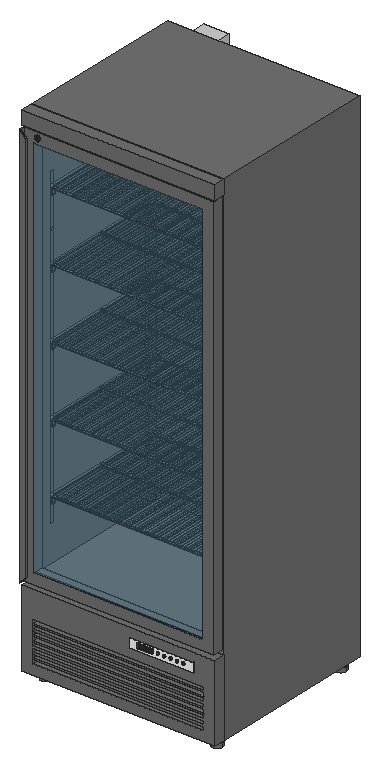
Revit family "QF_BLIZZARD_BMC1_250923014609", category Specialty Equipment, Revit 2021 (continued)
Definition of nested family "QF_BLIZZARD_BMC1_2920"
  Forms (mm)
    Extrusion 30, solid
      sketch origin (710, -688.633, 200) x (0, -1, 0) y (0, 0, -1)
        loop
          line (-77, -876.989) -> (-77, -880.989) -> (-73, -880.989) -> (-73, -876.989) -> (-77, -876.989)
        loop
          line (-77, -891.989) -> (-77, -895.989) -> (-73, -895.989) -> (-73, -891.989) -> (-77, -891.989)
        loop
          line (-77, -906.989) -> (-77, -910.989) -> (-73, -910.989) -> (-73, -906.989) -> (-77, -906.989)
        loop
          line (-77, -921.989) -> (-77, -925.989) -> (-73, -925.989) -> (-73, -921.989) -> (-77, -921.989)
        loop
          line (-77, -936.989) -> (-77, -940.989) -> (-73, -940.989) -> (-73, -936.989) -> (-77, -936.989)
        loop
          line (-77, -951.989) -> (-77, -955.989) -> (-73, -955.989) -> (-73, -951.989) -> (-77, -951.989)
        loop
          line (-77, -966.989) -> (-77, -970.989) -> (-73, -970.989) -> (-73, -966.989) -> (-77, -966.989)
        loop
          line (-77, -981.989) -> (-77, -985.989) -> (-73, -985.989) -> (-73, -981.989) -> (-77, -981.989)
        loop
          line (-77, -996.989) -> (-77, -1000.989) -> (-73, -1000.989) -> (-73, -996.989) -> (-77, -996.989)
        loop
          line (-77, -1011.989) -> (-77, -1015.989) -> (-73, -1015.989) -> (-73, -1011.989) -> (-77, -1011.989)
        loop
          line (-77, -1026.989) -> (-77, -1030.989) -> (-73, -1030.989) -> (-73, -1026.989) -> (-77, -1026.989)
        loop
          line (-77, -1041.989) -> (-77, -1045.989) -> (-73, -1045.989) -> (-73, -1041.989) -> (-77, -1041.989)
        loop
          line (-77, -1056.989) -> (-77, -1060.989) -> (-73, -1060.989) -> (-73, -1056.989) -> (-77, -1056.989)
        loop
          line (-77, -1071.989) -> (-77, -1075.989) -> (-73, -1075.989) -> (-73, -1071.989) -> (-77, -1071.989)
        loop
          line (-77, -1086.989) -> (-77, -1090.989) -> (-73, -1090.989) -> (-73, -1086.989) -> (-77, -1086.989)
        loop
          line (-77, -1101.989) -> (-77, -1105.989) -> (-73, -1105.989) -> (-73, -1101.989) -> (-77, -1101.989)
        loop
          line (-77, -1116.989) -> (-77, -1120.989) -> (-73, -1120.989) -> (-73, -1116.989) -> (-77, -1116.989)
        loop
          line (-77, -1131.989) -> (-77, -1135.989) -> (-73, -1135.989) -> (-73, -1131.989) -> (-77, -1131.989)
        loop
          line (-77, -1146.989) -> (-77, -1150.989) -> (-73, -1150.989) -> (-73, -1146.989) -> (-77, -1146.989)
        loop
          line (-77, -1161.989) -> (-77, -1165.989) -> (-73, -1165.989) -> (-73, -1161.989) -> (-77, -1161.989)
        loop
          line (-77, -1176.989) -> (-77, -1180.989) -> (-73, -1180.989) -> (-73, -1176.989) -> (-77, -1176.989)
        loop
          line (-77, -1191.989) -> (-77, -1195.989) -> (-73, -1195.989) -> (-73, -1191.989) -> (-77, -1191.989)
        loop
          line (-77, -1206.989) -> (-77, -1210.989) -> (-73, -1210.989) -> (-73, -1206.989) -> (-77, -1206.989)
        loop
          line (-77, -1221.989) -> (-77, -1225.989) -> (-73, -1225.989) -> (-73, -1221.989) -> (-77, -1221.989)
        loop
          line (-77, -1236.989) -> (-77, -1240.989) -> (-73, -1240.989) -> (-73, -1236.989) -> (-77, -1236.989)
        loop
          line (-77, -1251.989) -> (-77, -1255.989) -> (-73, -1255.989) -> (-73, -1251.989) -> (-77, -1251.989)
        loop
          line (-77, -1266.989) -> (-77, -1270.989) -> (-73, -1270.989) -> (-73, -1266.989) -> (-77, -1266.989)
        loop
          line (-77, -1281.989) -> (-77, -1285.989) -> (-73, -1285.989) -> (-73, -1281.989) -> (-77, -1281.989)
        loop
          line (-77, -1296.989) -> (-77, -1300.989) -> (-73, -1300.989) -> (-73, -1296.989) -> (-77, -1296.989)
        loop
          line (-77, -1311.989) -> (-77, -1315.989) -> (-73, -1315.989) -> (-73, -1311.989) -> (-77, -1311.989)
        loop
          line (-77, -1326.989) -> (-77, -1330.989) -> (-73, -1330.989) -> (-73, -1326.989) -> (-77, -1326.989)
        loop
          line (-77, -1341.989) -> (-77, -1345.989) -> (-73, -1345.989) -> (-73, -1341.989) -> (-77, -1341.989)
        loop
          line (-77, -1356.989) -> (-77, -1360.989) -> (-73, -1360.989) -> (-73, -1356.989) -> (-77, -1356.989)
        loop
          line (-77, -1371.989) -> (-77, -1375.989) -> (-73, -1375.989) -> (-73, -1371.989) -> (-77, -1371.989)
        loop
          line (-77, -1386.989) -> (-77, -1390.989) -> (-73, -1390.989) -> (-73, -1386.989) -> (-77, -1386.989)
        loop
          line (-77, -1401.989) -> (-77, -1405.989) -> (-73, -1405.989) -> (-73, -1401.989) -> (-77, -1401.989)
        loop
          line (-77, -1416.989) -> (-77, -1420.989) -> (-73, -1420.989) -> (-73, -1416.989) -> (-77, -1416.989)
        loop
          line (-77, -1431.989) -> (-77, -1435.989) -> (-73, -1435.989) -> (-73, -1431.989) -> (-77, -1431.989)
        loop
          line (-77, -1446.989) -> (-77, -1450.989) -> (-73, -1450.989) -> (-73, -1446.989) -> (-77, -1446.989)
        loop
          line (-77, -1461.989) -> (-77, -1465.989) -> (-73, -1465.989) -> (-73, -1461.989) -> (-77, -1461.989)
        loop
          line (-77, -1476.989) -> (-77, -1480.989) -> (-73, -1480.989) -> (-73, -1476.989) -> (-77, -1476.989)
        loop
          line (-77, -1491.989) -> (-77, -1495.989) -> (-73, -1495.989) -> (-73, -1491.989) -> (-77, -1491.989)
        loop
          line (-77, -1506.989) -> (-77, -1510.989) -> (-73, -1510.989) -> (-73, -1506.989) -> (-77, -1506.989)
        loop
          line (-77, -1521.989) -> (-77, -1525.989) -> (-73, -1525.989) -> (-73, -1521.989) -> (-77, -1521.989)
        loop
          line (-77, -1536.989) -> (-77, -1540.989) -> (-73, -1540.989) -> (-73, -1536.989) -> (-77, -1536.989)
        loop
          line (-77, -1551.989) -> (-77, -1555.989) -> (-73, -1555.989) -> (-73, -1551.989) -> (-77, -1551.989)
      from 0 to 5
    Revolve 31, solid
      sketch origin (0, -645, 0) x (1, 0, 0) y (0, 0, -1)
        loop
          line (50, -39) -> (50, -15) -> (60, -15) -> (60, 0) -> (40, 0) -> (40, -39) -> (50, -39)
        axis (40, 0) -> (40, -39)
      angle from 0 to 360
    Revolve 32, solid
      sketch origin (750, -40, 0) x (-1, 0, 0) y (0, 0, 1)
        loop
          line (50, 39) -> (40, 39) -> (40, 0) -> (60, 0) -> (60, 15) -> (50, 15) -> (50, 39)
        axis (40, 0) -> (40, 39)
      angle from 0 to 360
    Revolve 33, solid
      sketch origin (750, -645, 0) x (-1, 0, 0) y (0, 0, 1)
        loop
          line (50, 39) -> (40, 39) -> (40, 0) -> (60, 0) -> (60, 15) -> (50, 15) -> (50, 39)
        axis (40, 0) -> (40, 39)
      angle from 0 to 360
    Extrusion 34, solid
      sketch origin (330.166, -710.5, 246.5) x (1, 0, 0) y (0, 0, 1)
        loop
          circle (199.834, 40) r 5
      from -1 to 1
    Extrusion 35, solid
      sketch origin (355.166, -710.5, 246.5) x (1, 0, 0) y (0, 0, 1)
        loop
          circle (199.834, 40) r 5
      from -1 to 1
    Extrusion 36, solid
      sketch origin (380.166, -710.5, 246.5) x (1, 0, 0) y (0, 0, 1)
        loop
          circle (199.834, 40) r 5
      from -1 to 1
    Extrusion 37, solid
      sketch origin (405.166, -710.5, 246.5) x (1, 0, 0) y (0, 0, 1)
        loop
          circle (199.834, 40) r 5
      from -1 to 1
    Extrusion 38, solid
      sketch origin (430.166, -710.5, 246.5) x (1, 0, 0) y (0, 0, 1)
        loop
          circle (199.834, 40) r 5
      from -1 to 1
    Extrusion 39, solid
      sketch origin (330.166, -711, 241.5) x (1, 0, 0) y (0, 0, 1)
        loop
          line (199.834, 47) -> (195.834, 43) -> (199.834, 45.5) -> (203.834, 43) -> (199.834, 47)
      from -1 to 1
    Extrusion 40, solid
      sketch origin (754.834, -711, 331.5) x (-1, 0, 0) y (0, 0, -1)
        loop
          line (199.834, 47) -> (195.834, 43) -> (199.834, 45.5) -> (203.834, 43) -> (199.834, 47)
      from -1 to 1
    Extrusion 41, solid
      sketch origin (779.834, -711, 331.5) x (-1, 0, 0) y (0, 0, -1)
        loop
          circle (199.834, 45) r 3
      from -1 to 1
    Extrusion 42, solid
      sketch origin (804.834, -711, 331.5) x (-1, 0, 0) y (0, 0, -1)
        loop
          arc (196.834, 45) -> (199.834, 42) -> (202.834, 45) r 3
          line (202.834, 45) -> (196.834, 45)
        loop
          arc (201.034, 47.5) -> (199.834, 48.7) -> (198.634, 47.5) r 1.2
          line (198.634, 47.5) -> (199.834, 45.5) -> (201.034, 47.5)
        loop
          arc (198.134, 47.1) -> (197.334, 47.9) -> (196.534, 47.1) r 0.8
          line (196.534, 47.1) -> (197.334, 45.924) -> (198.134, 47.1)
        loop
          line (201.534, 47.1) -> (202.334, 45.924) -> (203.134, 47.1)
          arc (203.134, 47.1) -> (202.334, 47.9) -> (201.534, 47.1) r 0.8
      from -1 to 1
    Extrusion 43, solid
      sketch origin (829.834, -711, 331.5) x (-1, 0, 0) y (0, 0, -1)
        loop
          line (200.834, 42.709) -> (201.234, 41.792)
          arc (201.234, 41.792) -> (199.834, 48.5) -> (198.434, 41.792) r 3.5
          line (198.434, 41.792) -> (198.834, 42.709)
          arc (198.834, 42.709) -> (199.834, 47.5) -> (200.834, 42.709) r 2.5
        loop
          arc (199.334, 41.646) -> (199.834, 41.146) -> (200.334, 41.646) r 0.5
          line (200.334, 41.646) -> (200.334, 43.646)
          arc (200.334, 43.646) -> (199.834, 44.146) -> (199.334, 43.646) r 0.5
          line (199.334, 43.646) -> (199.334, 41.646)
      from -1 to 1
    Extrusion 44, solid
      sketch origin (187.651, -710, -517) x (1, 0, 0) y (0, 0, 1)
        loop
          line (280.849, 804.46) -> (282.129, 804.46) -> (282.129, 809.9) -> (280.849, 809.9) -> (280.849, 804.46)
        loop
          line (280.849, 797.1) -> (282.129, 797.1) -> (282.129, 802.22) -> (280.849, 802.22) -> (280.849, 797.1)
        loop
          line (282.449, 811.5) -> (282.449, 810.22) -> (289.249, 810.22) -> (289.249, 811.5) -> (282.449, 811.5)
        loop
          line (290.849, 804.46) -> (290.849, 809.9) -> (289.569, 809.9) -> (289.569, 804.46) -> (290.849, 804.46)
        loop
          line (290.849, 797.1) -> (290.849, 802.22) -> (289.569, 802.22) -> (289.569, 797.1) -> (290.849, 797.1)
        loop
          line (282.449, 795.5) -> (289.249, 795.5) -> (289.249, 796.78) -> (282.449, 796.78) -> (282.449, 795.5)
        loop
          line (292.989, 795.5) -> (292.989, 796.78) -> (291.709, 796.78) -> (291.709, 795.5) -> (292.989, 795.5)
        loop
          line (293.849, 804.46) -> (295.129, 804.46) -> (295.129, 809.9) -> (293.849, 809.9) -> (293.849, 804.46)
        loop
          line (293.849, 797.1) -> (295.129, 797.1) -> (295.129, 802.22) -> (293.849, 802.22) -> (293.849, 797.1)
        loop
          line (295.449, 811.5) -> (295.449, 810.22) -> (302.249, 810.22) -> (302.249, 811.5) -> (295.449, 811.5)
        loop
          line (303.849, 804.46) -> (303.849, 809.9) -> (302.569, 809.9) -> (302.569, 804.46) -> (303.849, 804.46)
        loop
          line (303.849, 797.1) -> (303.849, 802.22) -> (302.569, 802.22) -> (302.569, 797.1) -> (303.849, 797.1)
        loop
          line (295.449, 795.5) -> (302.249, 795.5) -> (302.249, 796.78) -> (295.449, 796.78) -> (295.449, 795.5)
        loop
          line (305.849, 804.46) -> (307.129, 804.46) -> (307.129, 809.9) -> (305.849, 809.9) -> (305.849, 804.46)
        loop
          line (305.849, 797.1) -> (307.129, 797.1) -> (307.129, 802.22) -> (305.849, 802.22) -> (305.849, 797.1)
        loop
          line (307.449, 811.5) -> (307.449, 810.22) -> (314.249, 810.22) -> (314.249, 811.5) -> (307.449, 811.5)
        loop
          line (315.849, 804.46) -> (315.849, 809.9) -> (314.569, 809.9) -> (314.569, 804.46) -> (315.849, 804.46)
        loop
          line (315.849, 797.1) -> (315.849, 802.22) -> (314.569, 802.22) -> (314.569, 797.1) -> (315.849, 797.1)
        loop
          line (307.449, 795.5) -> (314.249, 795.5) -> (314.249, 796.78) -> (307.449, 796.78) -> (307.449, 795.5)
        loop
          line (268.849, 804.46) -> (270.129, 804.46) -> (270.129, 809.9) -> (268.849, 809.9) -> (268.849, 804.46)
        loop
          line (268.849, 797.1) -> (270.129, 797.1) -> (270.129, 802.22) -> (268.849, 802.22) -> (268.849, 797.1)
        loop
          line (270.449, 811.5) -> (270.449, 810.22) -> (277.249, 810.22) -> (277.249, 811.5) -> (270.449, 811.5)
        loop
          line (278.849, 804.46) -> (278.849, 809.9) -> (277.569, 809.9) -> (277.569, 804.46) -> (278.849, 804.46)
        loop
          line (278.849, 797.1) -> (278.849, 802.22) -> (277.569, 802.22) -> (277.569, 797.1) -> (278.849, 797.1)
        loop
          line (270.449, 795.5) -> (277.249, 795.5) -> (277.249, 796.78) -> (270.449, 796.78) -> (270.449, 795.5)
      from 0 to 2
    Sweep 45, solid
      path origin (47.141, -189.803, 1443.371) x (1, 0, 0) y (0, 1, 0)
        loop
          arc (9.859, 55.803) -> (1.373, 52.288) -> (-2.141, 43.803) r 12
          line (-2.141, 43.803) -> (-2.141, -428.83)
          arc (-2.141, -428.83) -> (1.373, -437.316) -> (9.859, -440.83) r 12
          line (9.859, -440.83) -> (645.859, -440.83)
          arc (645.859, -440.83) -> (654.344, -437.316) -> (657.859, -428.83) r 12
          line (657.859, -428.83) -> (657.859, 43.803)
          arc (657.859, 43.803) -> (654.344, 52.288) -> (645.859, 55.803) r 12
          line (645.859, 55.803) -> (9.859, 55.803)
      profile origin (375, -134, 1443.371) x (0, 1, 0) y (0, 0, 1)
        loop
          circle (0, 0) r 3.5
    Extrusion 46, solid
      sketch origin (45, -189.803, 1443.371) x (1, 0, 0) y (0, 0, 1)
        loop
          circle (13.5, 4.5) r 1
        loop
          circle (26, 4.5) r 1
        loop
          circle (38.5, 4.5) r 1
        loop
          circle (51, 4.5) r 1
        loop
          circle (63.5, 4.5) r 1
        loop
          circle (76, 4.5) r 1
        loop
          circle (88.5, 4.5) r 1
        loop
          circle (101, 4.5) r 1
        loop
          circle (113.5, 4.5) r 1
        loop
          circle (126, 4.5) r 1
        loop
          circle (138.5, 4.5) r 1
        loop
          circle (151, 4.5) r 1
        loop
          circle (163.5, 4.5) r 1
        loop
          circle (176, 4.5) r 1
        loop
          circle (188.5, 4.5) r 1
        loop
          circle (201, 4.5) r 1
        loop
          circle (213.5, 4.5) r 1
        loop
          circle (226, 4.5) r 1
        loop
          circle (238.5, 4.5) r 1
        loop
          circle (251, 4.5) r 1
        loop
          circle (263.5, 4.5) r 1
        loop
          circle (276, 4.5) r 1
        loop
          circle (288.5, 4.5) r 1
        loop
          circle (301, 4.5) r 1
        loop
          circle (313.5, 4.5) r 1
        loop
          circle (326, 4.5) r 1
        loop
          circle (338.5, 4.5) r 1
        loop
          circle (351, 4.5) r 1
        loop
          circle (363.5, 4.5) r 1
        loop
          circle (376, 4.5) r 1
        loop
          circle (388.5, 4.5) r 1
        loop
          circle (401, 4.5) r 1
        loop
          circle (413.5, 4.5) r 1
        loop
          circle (426, 4.5) r 1
        loop
          circle (438.5, 4.5) r 1
        loop
          circle (451, 4.5) r 1
        loop
          circle (463.5, 4.5) r 1
        loop
          circle (476, 4.5) r 1
        loop
          circle (488.5, 4.5) r 1
        loop
          circle (501, 4.5) r 1
        loop
          circle (513.5, 4.5) r 1
        loop
          circle (526, 4.5) r 1
        loop
          circle (538.5, 4.5) r 1
        loop
          circle (551, 4.5) r 1
        loop
          circle (563.5, 4.5) r 1
        loop
          circle (576, 4.5) r 1
        loop
          circle (588.5, 4.5) r 1
        loop
          circle (601, 4.5) r 1
        loop
          circle (613.5, 4.5) r 1
        loop
          circle (626, 4.5) r 1
        loop
          circle (638.5, 4.5) r 1
        loop
          circle (651, 4.5) r 1
      from -55.803 to 440.197
    Extrusion 47, solid
      sketch origin (45, -170.816, 1443.371) x (0, 1, 0) y (0, 0, 1)
        loop
          circle (-211.5, 0) r 3.5
      from 0 to 660
    Extrusion 48, solid
      sketch origin (1653.773, -1414.75, 596.919) x (1, 0, 0) y (0, 0, 1)
        loop
          line (-1608.773, 812.071) -> (-1593.825, 844.071) -> (-1608.773, 844.071) -> (-1608.773, 812.071)
      from -1264.75 to -1262.75
    Extrusion 49, solid
      sketch origin (40, -538.633, 835.383) x (0, -1, 0) y (0, 0, -1)
        loop
          line (-382.633, -605.606) -> (-382.633, -573.606) -> (-392.633, -573.606) -> (-392.633, -605.606) -> (-382.633, -605.606)
      from 0 to 5
    Extrusion 50, solid
      sketch origin (1653.773, 650.117, 596.919) x (1, 0, 0) y (0, 0, -1)
        loop
          line (-1608.773, -812.071) -> (-1608.773, -844.071) -> (-1593.825, -844.071) -> (-1608.773, -812.071)
      from -1264.75 to -1262.75
    Extrusion 51, solid
      sketch origin (40, -226, 835.383) x (0, 1, 0) y (0, 0, 1)
        loop
          line (-382.633, 605.606) -> (-392.633, 605.606) -> (-392.633, 573.606) -> (-382.633, 573.606) -> (-382.633, 605.606)
      from 0 to 5
    Extrusion 52, solid
      sketch origin (-903.773, -1414.75, 596.919) x (-1, 0, 0) y (0, 0, -1)
        loop
          line (-1608.773, -812.071) -> (-1608.773, -844.071) -> (-1593.825, -844.071) -> (-1608.773, -812.071)
      from -1264.75 to -1262.75
    Extrusion 53, solid
      sketch origin (710, -538.633, 835.383) x (0, -1, 0) y (0, 0, 1)
        loop
          line (-382.633, 605.606) -> (-392.633, 605.606) -> (-392.633, 573.606) -> (-382.633, 573.606) -> (-382.633, 605.606)
      from 0 to 5
    Extrusion 54, solid
      sketch origin (-903.773, 650.117, 596.919) x (-1, 0, 0) y (0, 0, 1)
        loop
          line (-1608.773, 812.071) -> (-1593.825, 844.071) -> (-1608.773, 844.071) -> (-1608.773, 812.071)
      from -1264.75 to -1262.75
    Extrusion 55, solid
      sketch origin (710, -226, 835.383) x (0, 1, 0) y (0, 0, -1)
        loop
          line (-382.633, -605.606) -> (-382.633, -573.606) -> (-392.633, -573.606) -> (-392.633, -605.606) -> (-382.633, -605.606)
      from 0 to 5
    Sweep 56, solid
      path origin (47.141, -189.803, 1173.371) x (1, 0, 0) y (0, 1, 0)
        loop
          arc (9.859, 55.803) -> (1.373, 52.288) -> (-2.141, 43.803) r 12
          line (-2.141, 43.803) -> (-2.141, -428.83)
          arc (-2.141, -428.83) -> (1.373, -437.316) -> (9.859, -440.83) r 12
          line (9.859, -440.83) -> (645.859, -440.83)
          arc (645.859, -440.83) -> (654.344, -437.316) -> (657.859, -428.83) r 12
          line (657.859, -428.83) -> (657.859, 43.803)
          arc (657.859, 43.803) -> (654.344, 52.288) -> (645.859, 55.803) r 12
          line (645.859, 55.803) -> (9.859, 55.803)
      profile origin (375, -134, 1173.371) x (0, 1, 0) y (0, 0, 1)
        loop
          circle (0, 0) r 3.5
    Extrusion 57, solid
      sketch origin (45, -189.803, 1173.371) x (1, 0, 0) y (0, 0, 1)
        loop
          circle (13.5, 4.5) r 1
        loop
          circle (26, 4.5) r 1
        loop
          circle (38.5, 4.5) r 1
        loop
          circle (51, 4.5) r 1
        loop
          circle (63.5, 4.5) r 1
        loop
          circle (76, 4.5) r 1
        loop
          circle (88.5, 4.5) r 1
        loop
          circle (101, 4.5) r 1
        loop
          circle (113.5, 4.5) r 1
        loop
          circle (126, 4.5) r 1
        loop
          circle (138.5, 4.5) r 1
        loop
          circle (151, 4.5) r 1
        loop
          circle (163.5, 4.5) r 1
        loop
          circle (176, 4.5) r 1
        loop
          circle (188.5, 4.5) r 1
        loop
          circle (201, 4.5) r 1
        loop
          circle (213.5, 4.5) r 1
        loop
          circle (226, 4.5) r 1
        loop
          circle (238.5, 4.5) r 1
        loop
          circle (251, 4.5) r 1
        loop
          circle (263.5, 4.5) r 1
        loop
          circle (276, 4.5) r 1
        loop
          circle (288.5, 4.5) r 1
        loop
          circle (301, 4.5) r 1
        loop
          circle (313.5, 4.5) r 1
        loop
          circle (326, 4.5) r 1
        loop
          circle (338.5, 4.5) r 1
        loop
          circle (351, 4.5) r 1
        loop
          circle (363.5, 4.5) r 1
        loop
          circle (376, 4.5) r 1
        loop
          circle (388.5, 4.5) r 1
        loop
          circle (401, 4.5) r 1
        loop
          circle (413.5, 4.5) r 1
        loop
          circle (426, 4.5) r 1
        loop
          circle (438.5, 4.5) r 1
        loop
          circle (451, 4.5) r 1
        loop
          circle (463.5, 4.5) r 1
        loop
          circle (476, 4.5) r 1
        loop
          circle (488.5, 4.5) r 1
        loop
          circle (501, 4.5) r 1
        loop
          circle (513.5, 4.5) r 1
        loop
          circle (526, 4.5) r 1
        loop
          circle (538.5, 4.5) r 1
        loop
          circle (551, 4.5) r 1
        loop
          circle (563.5, 4.5) r 1
        loop
          circle (576, 4.5) r 1
        loop
          circle (588.5, 4.5) r 1
        loop
          circle (601, 4.5) r 1
        loop
          circle (613.5, 4.5) r 1
        loop
          circle (626, 4.5) r 1
        loop
          circle (638.5, 4.5) r 1
        loop
          circle (651, 4.5) r 1
      from -55.803 to 440.197
    Extrusion 58, solid
      sketch origin (45, -170.816, 1173.371) x (0, 1, 0) y (0, 0, 1)
        loop
          circle (-211.5, 0) r 3.5
      from 0 to 660
    Extrusion 59, solid
      sketch origin (1653.773, -1414.75, 326.919) x (1, 0, 0) y (0, 0, 1)
        loop
          line (-1608.773, 812.071) -> (-1593.825, 844.071) -> (-1608.773, 844.071) -> (-1608.773, 812.071)
      from -1264.75 to -1262.75
    Extrusion 60, solid
      sketch origin (40, -538.633, 565.383) x (0, -1, 0) y (0, 0, -1)
        loop
          line (-382.633, -605.606) -> (-382.633, -573.606) -> (-392.633, -573.606) -> (-392.633, -605.606) -> (-382.633, -605.606)
      from 0 to 5
    Extrusion 61, solid
      sketch origin (1653.773, 650.117, 326.919) x (1, 0, 0) y (0, 0, -1)
        loop
          line (-1608.773, -812.071) -> (-1608.773, -844.071) -> (-1593.825, -844.071) -> (-1608.773, -812.071)
      from -1264.75 to -1262.75
    Extrusion 62, solid
      sketch origin (40, -226, 565.383) x (0, 1, 0) y (0, 0, 1)
        loop
          line (-382.633, 605.606) -> (-392.633, 605.606) -> (-392.633, 573.606) -> (-382.633, 573.606) -> (-382.633, 605.606)
      from 0 to 5
    Extrusion 63, solid
      sketch origin (-903.773, -1414.75, 326.919) x (-1, 0, 0) y (0, 0, -1)
        loop
          line (-1608.773, -812.071) -> (-1608.773, -844.071) -> (-1593.825, -844.071) -> (-1608.773, -812.071)
      from -1264.75 to -1262.75
    Extrusion 64, solid
      sketch origin (710, -538.633, 565.383) x (0, -1, 0) y (0, 0, 1)
        loop
          line (-382.633, 605.606) -> (-392.633, 605.606) -> (-392.633, 573.606) -> (-382.633, 573.606) -> (-382.633, 605.606)
      from 0 to 5
    Extrusion 65, solid
      sketch origin (-903.773, 650.117, 326.919) x (-1, 0, 0) y (0, 0, 1)
        loop
          line (-1608.773, 812.071) -> (-1593.825, 844.071) -> (-1608.773, 844.071) -> (-1608.773, 812.071)
      from -1264.75 to -1262.75
    Extrusion 66, solid
      sketch origin (710, -226, 565.383) x (0, 1, 0) y (0, 0, -1)
        loop
          line (-382.633, -605.606) -> (-382.633, -573.606) -> (-392.633, -573.606) -> (-392.633, -605.606) -> (-382.633, -605.606)
      from 0 to 5
    Sweep 67, solid
      path origin (47.141, -189.803, 903.371) x (1, 0, 0) y (0, 1, 0)
        loop
          arc (9.859, 55.803) -> (1.373, 52.288) -> (-2.141, 43.803) r 12
          line (-2.141, 43.803) -> (-2.141, -428.83)
          arc (-2.141, -428.83) -> (1.373, -437.316) -> (9.859, -440.83) r 12
          line (9.859, -440.83) -> (645.859, -440.83)
          arc (645.859, -440.83) -> (654.344, -437.316) -> (657.859, -428.83) r 12
          line (657.859, -428.83) -> (657.859, 43.803)
          arc (657.859, 43.803) -> (654.344, 52.288) -> (645.859, 55.803) r 12
          line (645.859, 55.803) -> (9.859, 55.803)
      profile origin (375, -134, 903.371) x (0, 1, 0) y (0, 0, 1)
        loop
          circle (0, 0) r 3.5
    Extrusion 68, solid
      sketch origin (45, -189.803, 903.371) x (1, 0, 0) y (0, 0, 1)
        loop
          circle (13.5, 4.5) r 1
        loop
          circle (26, 4.5) r 1
        loop
          circle (38.5, 4.5) r 1
        loop
          circle (51, 4.5) r 1
        loop
          circle (63.5, 4.5) r 1
        loop
          circle (76, 4.5) r 1
        loop
          circle (88.5, 4.5) r 1
        loop
          circle (101, 4.5) r 1
        loop
          circle (113.5, 4.5) r 1
        loop
          circle (126, 4.5) r 1
        loop
          circle (138.5, 4.5) r 1
        loop
          circle (151, 4.5) r 1
        loop
          circle (163.5, 4.5) r 1
        loop
          circle (176, 4.5) r 1
        loop
          circle (188.5, 4.5) r 1
        loop
          circle (201, 4.5) r 1
        loop
          circle (213.5, 4.5) r 1
        loop
          circle (226, 4.5) r 1
        loop
          circle (238.5, 4.5) r 1
        loop
          circle (251, 4.5) r 1
        loop
          circle (263.5, 4.5) r 1
        loop
          circle (276, 4.5) r 1
        loop
          circle (288.5, 4.5) r 1
        loop
          circle (301, 4.5) r 1
        loop
          circle (313.5, 4.5) r 1
        loop
          circle (326, 4.5) r 1
        loop
          circle (338.5, 4.5) r 1
        loop
          circle (351, 4.5) r 1
        loop
          circle (363.5, 4.5) r 1
        loop
          circle (376, 4.5) r 1
        loop
          circle (388.5, 4.5) r 1
        loop
          circle (401, 4.5) r 1
        loop
          circle (413.5, 4.5) r 1
        loop
          circle (426, 4.5) r 1
        loop
          circle (438.5, 4.5) r 1
        loop
          circle (451, 4.5) r 1
        loop
          circle (463.5, 4.5) r 1
        loop
          circle (476, 4.5) r 1
        loop
          circle (488.5, 4.5) r 1
        loop
          circle (501, 4.5) r 1
        loop
          circle (513.5, 4.5) r 1
        loop
          circle (526, 4.5) r 1
        loop
          circle (538.5, 4.5) r 1
        loop
          circle (551, 4.5) r 1
        loop
          circle (563.5, 4.5) r 1
        loop
          circle (576, 4.5) r 1
        loop
          circle (588.5, 4.5) r 1
        loop
          circle (601, 4.5) r 1
        loop
          circle (613.5, 4.5) r 1
        loop
          circle (626, 4.5) r 1
        loop
          circle (638.5, 4.5) r 1
        loop
          circle (651, 4.5) r 1
      from -55.803 to 440.197
    Extrusion 69, solid
      sketch origin (45, -170.816, 903.371) x (0, 1, 0) y (0, 0, 1)
        loop
          circle (-211.5, 0) r 3.5
      from 0 to 660
    Extrusion 70, solid
      sketch origin (1653.773, -1414.75, 56.919) x (1, 0, 0) y (0, 0, 1)
        loop
          line (-1608.773, 812.071) -> (-1593.825, 844.071) -> (-1608.773, 844.071) -> (-1608.773, 812.071)
      from -1264.75 to -1262.75
    Extrusion 71, solid
      sketch origin (40, -538.633, 295.383) x (0, -1, 0) y (0, 0, -1)
        loop
          line (-382.633, -605.606) -> (-382.633, -573.606) -> (-392.633, -573.606) -> (-392.633, -605.606) -> (-382.633, -605.606)
      from 0 to 5
    Extrusion 72, solid
      sketch origin (1653.773, 650.117, 56.919) x (1, 0, 0) y (0, 0, -1)
        loop
          line (-1608.773, -812.071) -> (-1608.773, -844.071) -> (-1593.825, -844.071) -> (-1608.773, -812.071)
      from -1264.75 to -1262.75
    Extrusion 73, solid
      sketch origin (40, -226, 295.383) x (0, 1, 0) y (0, 0, 1)
        loop
          line (-382.633, 605.606) -> (-392.633, 605.606) -> (-392.633, 573.606) -> (-382.633, 573.606) -> (-382.633, 605.606)
      from 0 to 5
    Extrusion 74, solid
      sketch origin (-903.773, -1414.75, 56.919) x (-1, 0, 0) y (0, 0, -1)
        loop
          line (-1608.773, -812.071) -> (-1608.773, -844.071) -> (-1593.825, -844.071) -> (-1608.773, -812.071)
      from -1264.75 to -1262.75
    Extrusion 75, solid
      sketch origin (710, -538.633, 295.383) x (0, -1, 0) y (0, 0, 1)
        loop
          line (-382.633, 605.606) -> (-392.633, 605.606) -> (-392.633, 573.606) -> (-382.633, 573.606) -> (-382.633, 605.606)
      from 0 to 5
    Extrusion 76, solid
      sketch origin (-903.773, 650.117, 56.919) x (-1, 0, 0) y (0, 0, 1)
        loop
          line (-1608.773, 812.071) -> (-1593.825, 844.071) -> (-1608.773, 844.071) -> (-1608.773, 812.071)
      from -1264.75 to -1262.75
    Extrusion 77, solid
      sketch origin (710, -226, 295.383) x (0, 1, 0) y (0, 0, -1)
        loop
          line (-382.633, -605.606) -> (-382.633, -573.606) -> (-392.633, -573.606) -> (-392.633, -605.606) -> (-382.633, -605.606)
      from 0 to 5
    Sweep 78, solid
      path origin (47.141, -189.803, 633.371) x (1, 0, 0) y (0, 1, 0)
        loop
          arc (9.859, 55.803) -> (1.373, 52.288) -> (-2.141, 43.803) r 12
          line (-2.141, 43.803) -> (-2.141, -428.83)
          arc (-2.141, -428.83) -> (1.373, -437.316) -> (9.859, -440.83) r 12
          line (9.859, -440.83) -> (645.859, -440.83)
          arc (645.859, -440.83) -> (654.344, -437.316) -> (657.859, -428.83) r 12
          line (657.859, -428.83) -> (657.859, 43.803)
          arc (657.859, 43.803) -> (654.344, 52.288) -> (645.859, 55.803) r 12
          line (645.859, 55.803) -> (9.859, 55.803)
      profile origin (375, -134, 633.371) x (0, 1, 0) y (0, 0, 1)
        loop
          circle (0, 0) r 3.5
    Extrusion 79, solid
      sketch origin (45, -189.803, 633.371) x (1, 0, 0) y (0, 0, 1)
        loop
          circle (13.5, 4.5) r 1
        loop
          circle (26, 4.5) r 1
        loop
          circle (38.5, 4.5) r 1
        loop
          circle (51, 4.5) r 1
        loop
          circle (63.5, 4.5) r 1
        loop
          circle (76, 4.5) r 1
        loop
          circle (88.5, 4.5) r 1
        loop
          circle (101, 4.5) r 1
        loop
          circle (113.5, 4.5) r 1
        loop
          circle (126, 4.5) r 1
        loop
          circle (138.5, 4.5) r 1
        loop
          circle (151, 4.5) r 1
        loop
          circle (163.5, 4.5) r 1
        loop
          circle (176, 4.5) r 1
        loop
          circle (188.5, 4.5) r 1
        loop
          circle (201, 4.5) r 1
        loop
          circle (213.5, 4.5) r 1
        loop
          circle (226, 4.5) r 1
        loop
          circle (238.5, 4.5) r 1
        loop
          circle (251, 4.5) r 1
        loop
          circle (263.5, 4.5) r 1
        loop
          circle (276, 4.5) r 1
        loop
          circle (288.5, 4.5) r 1
        loop
          circle (301, 4.5) r 1
        loop
          circle (313.5, 4.5) r 1
        loop
          circle (326, 4.5) r 1
        loop
          circle (338.5, 4.5) r 1
        loop
          circle (351, 4.5) r 1
        loop
          circle (363.5, 4.5) r 1
        loop
          circle (376, 4.5) r 1
        loop
          circle (388.5, 4.5) r 1
        loop
          circle (401, 4.5) r 1
        loop
          circle (413.5, 4.5) r 1
        loop
          circle (426, 4.5) r 1
        loop
          circle (438.5, 4.5) r 1
        loop
          circle (451, 4.5) r 1
        loop
          circle (463.5, 4.5) r 1
        loop
          circle (476, 4.5) r 1
        loop
          circle (488.5, 4.5) r 1
        loop
          circle (501, 4.5) r 1
        loop
          circle (513.5, 4.5) r 1
        loop
          circle (526, 4.5) r 1
        loop
          circle (538.5, 4.5) r 1
        loop
          circle (551, 4.5) r 1
        loop
          circle (563.5, 4.5) r 1
        loop
          circle (576, 4.5) r 1
        loop
          circle (588.5, 4.5) r 1
        loop
          circle (601, 4.5) r 1
        loop
          circle (613.5, 4.5) r 1
        loop
          circle (626, 4.5) r 1
        loop
          circle (638.5, 4.5) r 1
        loop
          circle (651, 4.5) r 1
      from -55.803 to 440.197
    Extrusion 80, solid
      sketch origin (45, -170.816, 633.371) x (0, 1, 0) y (0, 0, 1)
        loop
          circle (-211.5, 0) r 3.5
      from 0 to 660
    Extrusion 81, solid
      sketch origin (1653.773, -1414.75, -213.081) x (1, 0, 0) y (0, 0, 1)
        loop
          line (-1608.773, 812.071) -> (-1593.825, 844.071) -> (-1608.773, 844.071) -> (-1608.773, 812.071)
      from -1264.75 to -1262.75
    Extrusion 82, solid
      sketch origin (40, -538.633, 25.383) x (0, -1, 0) y (0, 0, -1)
        loop
          line (-382.633, -605.606) -> (-382.633, -573.606) -> (-392.633, -573.606) -> (-392.633, -605.606) -> (-382.633, -605.606)
      from 0 to 5
    Extrusion 83, solid
      sketch origin (1653.773, 650.117, -213.081) x (1, 0, 0) y (0, 0, -1)
        loop
          line (-1608.773, -812.071) -> (-1608.773, -844.071) -> (-1593.825, -844.071) -> (-1608.773, -812.071)
      from -1264.75 to -1262.75
    Extrusion 84, solid
      sketch origin (40, -226, 25.383) x (0, 1, 0) y (0, 0, 1)
        loop
          line (-382.633, 605.606) -> (-392.633, 605.606) -> (-392.633, 573.606) -> (-382.633, 573.606) -> (-382.633, 605.606)
      from 0 to 5
    Extrusion 85, solid
      sketch origin (-903.773, -1414.75, -213.081) x (-1, 0, 0) y (0, 0, -1)
        loop
          line (-1608.773, -812.071) -> (-1608.773, -844.071) -> (-1593.825, -844.071) -> (-1608.773, -812.071)
      from -1264.75 to -1262.75
    Extrusion 86, solid
      sketch origin (710, -538.633, 25.383) x (0, -1, 0) y (0, 0, 1)
        loop
          line (-382.633, 605.606) -> (-392.633, 605.606) -> (-392.633, 573.606) -> (-382.633, 573.606) -> (-382.633, 605.606)
      from 0 to 5
    Extrusion 87, solid
      sketch origin (-903.773, 650.117, -213.081) x (-1, 0, 0) y (0, 0, 1)
        loop
          line (-1608.773, 812.071) -> (-1593.825, 844.071) -> (-1608.773, 844.071) -> (-1608.773, 812.071)
      from -1264.75 to -1262.75
    Extrusion 88, solid
      sketch origin (710, -226, 25.383) x (0, 1, 0) y (0, 0, -1)
        loop
          line (-382.633, -605.606) -> (-382.633, -573.606) -> (-392.633, -573.606) -> (-392.633, -605.606) -> (-382.633, -605.606)
      from 0 to 5
    Extrusion 89, solid
      sketch origin (0, 0, 1903) x (1, 0, 0) y (0, 1, 0)
        loop
          line (100, 0) -> (200, 0) -> (200, 50) -> (100, 50) -> (100, 0)
      from 0 to 100
    Extrusion 90, solid
      sketch origin (0, -725, 0) x (1, 0, 0) y (0, 0, 1)
        loop
          line (4, 1943) -> (4, 356) -> (28.749, 380.749) -> (28.749, 1918.251) -> (4, 1943)
      from 0 to 2
    Extrusion 91, solid
      sketch origin (0, -710, 0) x (1, 0, 0) y (0, 0, 1)
        loop
          line (4, 1943) -> (4, 356) -> (5.414, 357.414) -> (5.414, 1941.586) -> (4, 1943)
      from 0 to 15
  Cuts and joins
    joined: Extrusion 1, Extrusion 8
  Lines and regions (mm)
    symbolic lines
      curve 1: line (0, 0, 0) -> (750, 0, 0)
      curve 2: line (0, -710, 0) -> (0, 0, 0)
      curve 3: line (750, -710, 0) -> (0, -710, 0)
      curve 4: line (750, 0, 0) -> (750, -710, 0)
      curve 7: line (4, -727, 0) -> (28.749, -727, 0)
      curve 8: line (28.749, -725, 0) -> (5.414, -725, 0)
      curve 9: line (28.749, -727, 0) -> (28.749, -725, 0)
      curve 10: line (5.414, -725, 0) -> (5.414, -710, 0)
      curve 11: line (4, -710, 0) -> (4, -727, 0)
      curve 12: line (200, 50, 0) -> (100, 50, 0)
      curve 13: line (100, 50, 0) -> (100, 0, 0)
      curve 14: line (200, 0, 0) -> (200, 50, 0)
    symbolic lines, visible <- "Show Clearances"
      curve 5: arc (4, -710, 0) -> (221.327, -1234.673, 0) -> (746, -1452, 0) r 742
      curve 6: line (746, -1452, 0) -> (746, -710, 0)
  Dimensions and locks
    plane 3 "Left" to plane 4 "Right" = 750 mm
    plane 5 "Front" to plane 1 "Back" = 710 mm
    plane 6 "Top" to level = 2003 mm  (x2)
    plane 1 "Back" to plane 5 "Front" = 710 mm
    plane 4 "Right" to plane 3 "Left" = 750 mm
    aligned and locked: level to plane 2
Definition of nested family "CONN_POINT_ELE_2D___Generic_Annotation"
  Parameters (values of type "CONN_POINT_ELE_2D___Generic_Annotation")
    Onboard connection annotation symbol visibility [instance] = yes
  Reference planes
    plane 1: y = 0
    plane 2: x = 0
  Lines and regions (mm)
    detail lines, visible <- "Onboard connection annotation symbol visibility"
      curve 1: circle (0, 0, 0) r 0.5 normal (0, 0, 1)
      curve 2: line (-1, 0, 0) -> (1, 0, 0)
      curve 3: line (0, 1, 0) -> (0, -1, 0)
      curve 4: line (2.5, 1, 0) -> (1.25, 1, 0)
      curve 5: line (1.25, 1, 0) -> (1.25, -1, 0)
      curve 6: line (1.25, -1, 0) -> (2.5, -1, 0)
      curve 7: line (1.25, 0, 0) -> (2, 0, 0)
